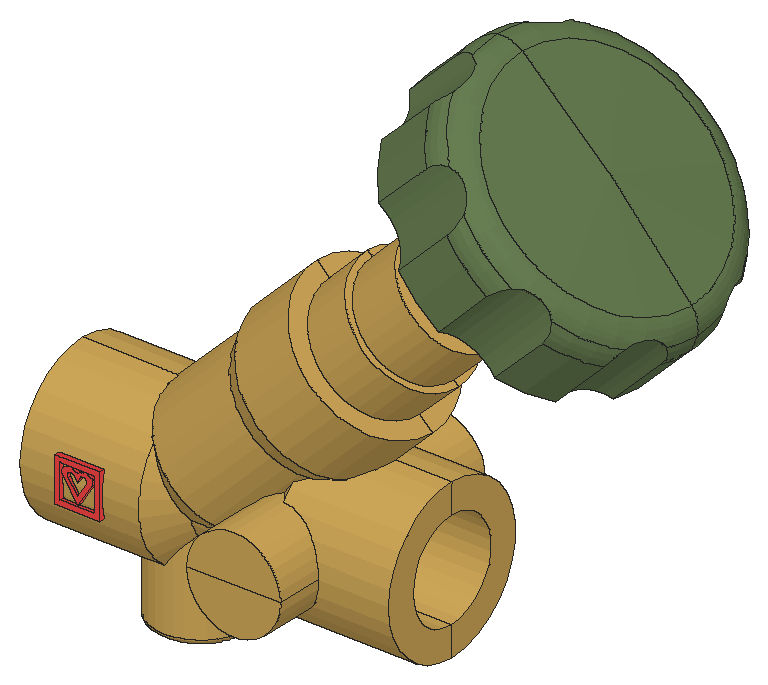
Revit family "Rückflussverhinderer 4126", category Rohrzubehör, Revit 2020
Family settings
  Bemaßung runder Anschluss = Durchmesser verwenden
  Teiletyp = Unterbricht
  OmniClass-Nummer = 23.65.55.14
  OmniClass-Titel = Valves for Liquid Services
  Arbeitsebenenbasiert = Nein
  Immer vertikal = Ja
  Beim Laden mit Abzugskörper schneiden = Nein
  Gemeinsam genutzt = Nein
Parameters
  Öffnungsdruck des Rückflussverhinderer = "gemäß DIN EN 13959"  # constant formula
  W01 = 45.00°  # constant formula
  Vorgabe-Ansicht = 0.000 mm
  URL = "www.herz-armaturen.at"
  Spindel = "geschmiedetes Messing CW617N"  # constant formula
  SW01 = 60.00°  # constant formula
  SC_NennweiteBerechnet = 0
  SC_Dimension = ""
  SCTWSEQ = "FW;SBT_TYP_FW=\"109\";2"
  SCTWCODE = "04;00;02"  # constant formula
  S03 = 60.000 mm  # constant formula
  S02 [instance] = L06 + L09 + L12 + L15  # 95.900 mm
  S01 [instance] = R01 * 2  # 32.000 mm
  R12 [instance] = R01 - 1.000 mm  # 15.000 mm
  R11 [instance] = size_lookup("4126_", "R11", 46.500 mm, Nennweite)  # 5.400 mm
  R100 = 1.000 mm  # constant formula
  R10 [instance] = size_lookup("4126_", "R10", 46.500 mm, Nennweite)  # 8.500 mm
  R09 [instance] = size_lookup("4126_", "R9", 46.500 mm, Nennweite)  # 11.750 mm
  R08 [instance] = size_lookup("4126_", "R8", 46.500 mm, Nennweite)  # 13.000 mm
  R07 [instance] = size_lookup("4126_", "R7", 46.500 mm, Nennweite)  # 16.500 mm
  R06 [instance] = size_lookup("4126_", "R6", 43.000 mm, Nennweite)  # 14.600 mm
  R05 [instance] = Nennweite / 2  # 10.000 mm
  R04 [instance] = size_lookup("4126_", "R4", 11.500 mm, Nennweite)  # 9.500 mm
  R03 = 9.500 mm  # constant formula
  R02 [instance] = Nennweite / 2  # 10.000 mm
  R01 [instance] = size_lookup("4126_", "R1", 11.500 mm, Nennweite)  # 16.000 mm
  Nennweite [instance] = 20.000 mm
  Medium = "Trinkwasser"  # constant formula
  Max. Differenzdruck auf geschlossenen Sitz = 1000000.0 Pa  # constant formula
  Max. Betriebstemperatur = 80 °C  # constant formula
  Max. Betriebsdruck = 1600000.0 Pa  # constant formula
  L16 [instance] = L01 / 2  # 12.000 mm
  L15 [instance] = size_lookup("4126_", "L15", 12.400 mm, Nennweite)  # 12.400 mm
  L14 [instance] = size_lookup("4126_", "L14", 81.000 mm, Nennweite)  # 8.000 mm
  L12 [instance] = size_lookup("4126_", "L12", 81.000 mm, Nennweite)  # 33.500 mm
  L11 [instance] = size_lookup("4126_", "L11", 60.000 mm, Nennweite)  # 12.500 mm
  L10 [instance] = size_lookup("4126_", "L10", 20.000 mm, Nennweite)  # 11.000 mm
  L09 [instance] = size_lookup("4126_", "L9", 11.000 mm, Nennweite)  # 15.500 mm
  L08 [instance] = size_lookup("4126_", "L8", 35.000 mm, Nennweite)  # 30.100 mm
  L07 [instance] = size_lookup("4126_", "L7", 35.000 mm, Nennweite)  # 13.500 mm
  L06 [instance] = size_lookup("4126_", "L6", 118.000 mm, Nennweite) - L09  # 34.500 mm
  L05 [instance] = size_lookup("4126_", "L5", 44.000 mm, Nennweite)  # 26.500 mm
  L04 [instance] = size_lookup("4126_", "L4", 45.000 mm, Nennweite)  # 25.500 mm
  L03 = 15.000 mm  # constant formula
  L02 [instance] = size_lookup("4126_", "L2", 22.000 mm, Nennweite)  # 8.000 mm
  L01 [instance] = size_lookup("4126_", "L1", 48.000 mm, Nennweite)  # 24.000 mm
  L00 [instance] = size_lookup("4126_", "L", 180.000 mm, Nennweite)  # 75.000 mm
  Kegel = "geschmiedetes Messing CW617N"  # constant formula
  Hinweis = "Gemäß Art 33 der REACH-Verordnung (EG Nr. 1907/2006) sind wir verpflichtet, darauf hinzuweisen, dass der Stoff Blei auf der SVHC-Liste geführt wird und dass alle aus Messing bestehenden Bauteile, die in unseren Erzeugnissen verarbeitet sind, mehr als 0,1 % (w/w) Blei (CAS: 7439-92-1 / EINECS: 231-100-4) enthalten.\r\nDa Blei als Legierungsbestandteil fest gebunden ist, sind keine Expositionen zu erwarten und daher sind keine zusätzlichen Angaben zur sicheren Verwendung notwendig."
  Hersteller = "HERZ Armaturen Ges.m.b.H."  # constant formula
  Handrad = "Kunststoff, grün"  # constant formula
  H01 [instance] = size_lookup("4126_", "H1", 53.000 mm, Nennweite)  # 26.400 mm
  Gelegentliche Temperaturanstiege = "bis 95°C, nicht länger als eine Stunde"  # constant formula
  Gehäuse = "entzinkungsbeständiges Gussmessing CC770S"  # constant formula
  DN50 [instance] = Nennweite = 50.000 mm  # no
  DN40 [instance] = Nennweite = 40.000 mm  # no
  DN32 [instance] = Nennweite = 32.000 mm  # no
  DN25-DN50 [instance] = or(Nennweite = 25.000 mm, Nennweite = 32.000 mm, Nennweite = 40.000 mm, Nennweite = 50.000 mm)  # no
  DN25 [instance] = Nennweite = 25.000 mm  # no
  DN20 [instance] = Nennweite = 20.000 mm  # yes
  DN15 [instance] = Nennweite = 15.000 mm  # no
  Bestellnummer [instance] = size_lookup("4126_", "Artnr", 0, Nennweite)  # 2412602
  Anwendungsgebiet = "Zum Absperren von Trinkwasserleitungen, sowie Zirkulationssystemen in Gebäuden."
Reference planes
  plane 1 "Mitte (Vorne/hinten)": y = 0
  plane 2: z = 0
  plane 3 "Mitte (Links/rechts)": x = 0
Forms (mm)
  Revolve 1, solid, material "Messing, weicher Gelbton, geschweißt", detail levels fine
    sketch origin (470, 0, 0) x (1, 0, 0) y (0, 0, 1)
      loop
        line (-507.5, 10) -> (-492.5, 10) -> (-492.5, 0) -> (-447.5, 0) -> (-447.5, 10) -> (-432.5, 10) -> (-432.5, 16) -> (-456.5, 16) -> (-462, 10) -> (-478, 10) -> (-483.5, 16) -> (-507.5, 16) -> (-507.5, 10)
      axis (-507.5, 0) -> (-432.5, 0)
    angle from 0 to 360
  Revolve 2, solid, material "Messing, weicher Gelbton, geschweißt", detail levels fine
    sketch origin (470, 0, 0) x (1, 0, 0) y (0, 0, 1)
      loop
        line (-493, 0) -> (-493, -25.4)
        arc (-493, -25.4) -> (-492.707, -26.107) -> (-492, -26.4) r 1
        line (-492, -26.4) -> (-483.5, -26.4) -> (-483.5, 0) -> (-493, 0)
      axis (-483.5, 0) -> (-483.5, -26.4)
    angle from 0 to 360
  Revolve 3, solid, material "Messing, weicher Gelbton, geschweißt", detail levels fine
    sketch origin (0, 0, 0) x (1, 0, 0) y (0, 1, 0)
      loop
        line (13.5, -25.5) -> (23, -25.5) -> (23, 26.5) -> (13.5, 26.5) -> (13.5, -25.5)
      axis (13.5, -25.5) -> (13.5, 26.5)
    angle from 0 to 360
  Revolve 4, solid, material "Messing, weicher Gelbton, geschweißt", visible <- "DN25-DN50", detail levels fine
    sketch origin (-470, 0, 0) x (-1, 0, 0) y (0, 0, 1)
      loop
        line (-493, 0) -> (-493, -25.4)
        arc (-493, -25.4) -> (-492.707, -26.107) -> (-492, -26.4) r 1
        line (-492, -26.4) -> (-483.5, -26.4) -> (-483.5, 0) -> (-493, 0)
      axis (-483.5, 0) -> (-483.5, -26.4)
    angle from 0 to 360
  Revolve 5, solid, material "Messing, weicher Gelbton, geschweißt", detail levels fine
    sketch origin (0.32, 0, -0.105) x (1, 0, 0) y (0, 0, 1)
      loop
        line (-13.82, 0) -> (53.991, 67.812) -> (50.173, 71.63) -> (41.405, 62.862) -> (39.213, 65.054) -> (32.142, 57.983) -> (29.844, 60.281) -> (21.005, 51.442) -> (20.121, 52.326) -> (12.343, 44.548) -> (9.868, 47.023) -> (-1.092, 36.062) -> (-2.86, 31.608) -> (-18.487, 15.981) -> (-20.891, 7.071) -> (-13.82, 0)
      axis (-13.82, 0) -> (53.991, 67.812)
    angle from 0 to 360
Lines and regions (mm)
  model lines, detail levels coarse+medium
    curve 1: line (-37.5, 0, 16) -> (-37.5, 0, -16)
    curve 2: line (-37.5, 0, -16) -> (37.5, 0, 16)
    curve 3: line (37.5, 0, 16) -> (37.5, 0, -16)
    curve 4: line (37.5, 0, -16) -> (-37.5, 0, 16)
    curve 5: line (0, 0, 0) -> (47.95, 0, 83.052)
    curve 6: line (21.969, 0, 98.052) -> (73.931, 0, 68.052)
    curve 7: line (-37.5, -16, 0) -> (-37.5, 16, 0)
    curve 8: line (-37.5, 16, 0) -> (37.5, -16, 0)
    curve 9: line (37.5, -16, 0) -> (37.5, 16, 0)
    curve 10: line (37.5, 16, 0) -> (-37.5, -16, 0)
    curve 11: line (0, 0, 0) -> (47.95, 83.052, 0)
    curve 12: line (21.969, 98.052, 0) -> (73.931, 68.052, 0)
Dimensions and locks
  "H01": plane 2 to Revolve 2 sketch curve
  "L00": Revolve 1 sketch curve to Revolve 1 sketch curve
  equal spacing: Revolve 1 sketch curve, plane 3 "Mitte (Links/rechts)", Revolve 1 sketch curve
  "R01": Revolve 1 sketch curve to Revolve 1 sketch curve  (x2)
  "R02": Revolve 1 sketch curve to Revolve 1 sketch curve  (x3)
  "L01": Revolve 1 sketch curve to Revolve 1 sketch curve  (x2)
  "L02": plane 3 "Mitte (Links/rechts)" to Revolve 1 sketch curve
  "L02": Revolve 1 sketch curve to plane 3 "Mitte (Links/rechts)"
  "L03": Revolve 1 sketch curve to Revolve 1 sketch curve  (x2)
  "L01": Revolve 1 to Revolve 2 sketch curve
  "R03": Revolve 2 sketch curve to Revolve 2 sketch curve
  "L01": Revolve 4 sketch curve to Revolve 1
  "R03": Revolve 4 sketch curve to Revolve 4 sketch curve
  "H01": plane 2 to Revolve 4 sketch curve
  "L04": Revolve 3 sketch curve to plane 1 "Mitte (Vorne/hinten)"
  "L05": plane 1 "Mitte (Vorne/hinten)" to Revolve 3 sketch curve
  "R04": Revolve 3 sketch curve to Revolve 3 sketch curve
  "L01": Revolve 3 sketch curve to Revolve 1
  "R07": Revolve 5 sketch curve to Revolve 5 sketch curve
  "L07": plane 3 "Mitte (Links/rechts)" to Revolve 5 sketch curve
  "R05": Revolve 5 sketch curve to Revolve 5 sketch curve
  "L06": Revolve 5 sketch curve to Revolve 5 sketch curve
  "L08": Revolve 5 sketch curve to Revolve 5 sketch curve
  "R06": Revolve 5 sketch curve to Revolve 5 sketch curve
  "L14": Revolve 5 sketch curve to Revolve 5 sketch curve
  "L09": Revolve 5 sketch curve to Revolve 5 sketch curve
  "R08": Revolve 5 sketch curve to Revolve 5 sketch curve
  "L10": Revolve 5 sketch curve to Revolve 5 sketch curve
  "R09": Revolve 5 sketch curve to Revolve 5 sketch curve
  "R10": Revolve 5 sketch curve to Revolve 5 sketch curve
  "L12": Revolve 5 sketch curve to Revolve 5 sketch curve
  "R11": Revolve 5 sketch curve to Revolve 5 sketch curve
  "L15": Revolve 5 sketch curve to Revolve 5 sketch curve
  "L11": Revolve 5 sketch curve to Revolve 5 sketch curve
  "R12": nested 7 to plane 1 "Mitte (Vorne/hinten)"
  "L16": Revolve 1 to nested 7
  "L00": curve 1 to curve 3
  "S01": curve 4 to curve 2
  "S01": curve 3 to curve 4
  equal spacing: curve 4, plane 2, curve 2
  equal spacing: curve 3, plane 2, curve 4
  "S02": curve 5 to curve 5
  equal spacing: curve 6, curve 5, curve 6
  "S03": curve 6 to curve 6
  "L00": curve 7 to curve 9
  "S01": curve 10 to curve 8
  curve 9 to curve 10 = 32.000 mm
  equal spacing: curve 12, curve 11, curve 12
  "S03": curve 12 to curve 12
  "S02": curve 11 to curve 11
  equal spacing: curve 10, plane 1 "Mitte (Vorne/hinten)", curve 8
  equal spacing: curve 9, plane 1 "Mitte (Vorne/hinten)", curve 10
  equal spacing: curve 7, plane 3 "Mitte (Links/rechts)", curve 9
  equal spacing: Revolve 1, curve 5, Revolve 1
  equal spacing: curve 7, curve 11, Revolve 1
  equal spacing: curve 1, plane 3 "Mitte (Links/rechts)", curve 3
  "R100": radius of Revolve 2 sketch curve
  "R100": radius of Revolve 4 sketch curve
  "W01": angle plane 2 to Revolve 5 sketch curve
  "W01": angle level to Revolve 5 sketch curve
  "SW01": angle plane 2 to curve 5
  "SW01": angle plane 1 "Mitte (Vorne/hinten)" to curve 11
  aligned and locked: level to plane 2
Automatic sketch dimensions
  curve 5 to level = 0.000 mm
  plane 1 "Mitte (Vorne/hinten)" to curve 11 = 0.000 mm
  Revolve 1 sketch curve to level = 0.000 mm  (x2)
  Revolve 1 sketch curve to Revolve 1 sketch curve = 791.990 mm
  Revolve 1 sketch curve to Revolve 1 sketch curve = 2278.983 mm
  Revolve 2 sketch curve to level = 0.000 mm  (x2)
  Revolve 2 sketch curve to Revolve 2 sketch curve = 0.000 mm
  Revolve 2 sketch curve to Revolve 2 sketch curve = 0.292 mm
  Revolve 3 sketch curve to Revolve 3 sketch curve = 0.000 mm  (x3)
  Revolve 4 sketch curve to level = 0.000 mm  (x2)
  Revolve 4 sketch curve to Revolve 4 sketch curve = 0.000 mm
  Revolve 4 sketch curve to Revolve 4 sketch curve = 0.292 mm
  Revolve 5 sketch curve to level = 0.105 mm
  Revolve 5 sketch curve to Revolve 5 sketch curve = 0.000 mm  (x2)
Nested families
  nested 1: "Strömax-Handrad_Schrägsitz (Grün)" at (42.584, 0, 54.979), visible <- "DN15", type "Strömax-Handrad_Schrägsitz (Grün)", detail levels fine
    with Nennweite 0.000 mm, Gewicht 0.00 kg, Bestellnummer 0
  nested 2: "Strömax-Handrad_Schrägsitz (Grün)" at (54.312, 0, 67.707), visible <- "DN20", type "Strömax-Handrad_Schrägsitz (Grün)", detail levels fine
    with Nennweite 0.000 mm, Gewicht 0.00 kg, Bestellnummer 0
  nested 3: "Strömax-Handrad_Schrägsitz (Grün)" at (62.469, 0, 80.364), visible <- "DN25", type "Strömax-Handrad_Schrägsitz (Grün)", detail levels fine
    with Nennweite 0.000 mm, Gewicht 0.00 kg, Bestellnummer 0
  nested 4: "Strömax-Handrad_Schrägsitz (Grün)" at (71.712, 0, 91.607), visible <- "DN32", type "Strömax-Handrad_Schrägsitz (Grün)", detail levels fine
    with Nennweite 0.000 mm, Gewicht 0.00 kg, Bestellnummer 0
  nested 5: "Strömax-Handrad_Schrägsitz (Grün)" at (80.399, 0, 101.294), visible <- "DN40", type "Strömax-Handrad_Schrägsitz (Grün)", detail levels fine
    with Nennweite 0.000 mm, Gewicht 0.00 kg, Bestellnummer 0
  nested 6: "Strömax-Handrad_Schrägsitz (Grün)" at (97.83, 0, 129.225), visible <- "DN50", type "Strömax-Handrad_Schrägsitz (Grün)", detail levels fine
    with Nennweite 0.000 mm, Gewicht 0.00 kg, Bestellnummer 0
  nested 7: "Herz-Logo-vorne" at (-25.5, -15.732, 0) x (0, 1, 0) z (0, 0, 1), type "Herz-Logo-vorne", detail levels fine
Connectors
  piping at (-22.5, 0, 0), diameter 20, driven by "Nennweite"
    settings: on Revolve 1, index 1, connector inside diameter 609.6 mm, connector length 0.000 mm, flow factor 0, pipe flow 0.0 L/s, pressure drop 0.0 Pa, fitting loss kfactor 0, connector angle 0.00°, fixture units 0, engagement length 0.000 mm, angle of deflection 0.00°, flow configuration 0, flow direction 1, fitting loss method 0, system type 29, joint type 0, gender type 0, connector reference index -1, connector utility 0, adjustable connector no, is connector primary yes, connector description ""
  piping at (22.5, 0, 0), diameter 20, driven by "Nennweite"
    settings: on Revolve 1, index 2, connector inside diameter 609.6 mm, connector length 0.000 mm, flow factor 0, pipe flow 0.0 L/s, pressure drop 0.0 Pa, fitting loss kfactor 0, connector angle 0.00°, fixture units 0, engagement length 0.000 mm, angle of deflection 0.00°, flow configuration 0, flow direction 2, fitting loss method 0, system type 29, joint type 0, gender type 0, connector reference index -1, connector utility 0, adjustable connector no, is connector primary no, connector description ""
Definition of nested family "Strömax-Handrad_Schrägsitz (Grün)"
  Parameters (values of type "Strömax-Handrad_Schrägsitz (Grün)")
    Default Elevation = 0.000 mm
    URL = "www.herz-armaturen.at"
    Nennweite [instance] = 0.000 mm
    Manufacturer = "Herz Armaturen GmbH"  # constant formula
    Gewicht [instance] = 0.00 kg
    Bestellnummer [instance] = 0
  Reference planes
    plane 1 "Mitte (Vorne/hinten)": y = 0
    plane 2: z = 0
    plane 3 "Mitte (Links/rechts)": x = 0
  Forms (mm)
    Revolve 1, solid
      sketch origin (0, 0, 0) x (0.707107, 0, -0.707107) y (0.707107, 0, 0.707107)
        loop
          line (0, 0) -> (0, 22)
          arc (0, 22) -> (-12.15, 21.705) -> (-24.271, 20.819) r 250
          arc (-24.271, 20.819) -> (-26.831, 19.959) -> (-28.754, 18.063) r 6
          arc (-28.754, 18.063) -> (-29.682, 16.008) -> (-30, 13.776) r 8
          line (-30, 13.776) -> (-30, 0) -> (0, 0)
        axis (0, 22) -> (0, 0)
      angle from 0 to 360
    Extrusion 2, void
      sketch origin (0, 0, 0) x (0.707107, 0, -0.707107) y (0, 1, 0)
        loop
          circle (14.351, -34.645) r 10
      from 0 to 22
    Extrusion 3, void
      sketch origin (0, 0, 0) x (-0.707107, 0, 0.707107) y (0, -1, 0)
        loop
          circle (14.351, 34.645) r 10
      from 0 to 22
    Extrusion 4, void
      sketch origin (0, 0, 0) x (0, -1, 0) y (0.707107, 0, -0.707107)
        loop
          circle (14.351, 34.645) r 10
      from 0 to 22
    Extrusion 5, void
      sketch origin (0, 0, 0) x (0, 1, 0) y (-0.707107, 0, 0.707107)
        loop
          circle (14.351, -34.645) r 10
      from 0 to 22
    Extrusion 6, void
      sketch origin (0, 0, 0) x (0, -1, 0) y (0.707107, 0, -0.707107)
        loop
          circle (14.351, -34.645) r 10
      from 0 to 22
    Extrusion 7, void
      sketch origin (0, 0, 0) x (0, 1, 0) y (-0.707107, 0, 0.707107)
        loop
          circle (14.351, 34.645) r 10
      from 0 to 22
    Extrusion 8, void
      sketch origin (0, 0, 0) x (0.707107, 0, -0.707107) y (0, 1, 0)
        loop
          circle (14.351, 34.645) r 10
      from 0 to 22
    Extrusion 9, void
      sketch origin (0, 0, 0) x (-0.707107, 0, 0.707107) y (0, -1, 0)
        loop
          circle (14.351, -34.645) r 10
      from 0 to 22
  Cuts and joins
    Extrusion 2, Extrusion 3, Extrusion 4, Extrusion 5, Extrusion 6, Extrusion 7, Extrusion 8, Extrusion 9 cuts Revolve 1
  Dimensions and locks
    aligned and locked: level to plane 2
Definition of nested family "Herz-Logo-vorne"
  Parameters (values of type "Herz-Logo-vorne")
    Default Elevation = 0.000 mm
  Reference planes
    plane 1 "Mitte (Vorne/hinten)": y = 0
    plane 2: z = 0
    plane 3 "Mitte (Links/rechts)": x = 0
  Forms (mm)
    Extrusion 1, solid
      sketch origin (0.732, -0.018, 0.017) x (0, -1, 0) y (0, 0, 1)
        loop
          line (-0.018, -4.517) -> (4.482, -4.517) -> (4.482, 4.483) -> (-4.518, 4.483) -> (-4.518, -4.517) -> (-0.018, -4.517)
        loop
          line (-0.05, -3.48) -> (3.482, -3.48) -> (3.482, 3.483) -> (-3.518, 3.483) -> (-3.518, -3.48) -> (-0.05, -3.48)
        loop
          arc (-0.018, 2.383) -> (-1.543, 3.287) -> (-3.067, 2.383) r 1.738
          arc (-3.067, 2.383) -> (-3.191, 1.899) -> (-3.067, 1.415) r 1.009
          line (-3.067, 1.415) -> (-0.018, -3.281) -> (3.032, 1.415)
          arc (3.032, 1.415) -> (3.156, 1.899) -> (3.032, 2.383) r 1.009
          arc (3.032, 2.383) -> (1.507, 3.287) -> (-0.018, 2.383) r 1.738
        loop
          arc (1.885, 1.272) -> (2.005, 1.675) -> (1.885, 2.079) r 0.74
          arc (1.885, 2.079) -> (1.265, 2.416) -> (0.644, 2.079) r 0.74
          line (0.644, 2.079) -> (-0.018, 0.97) -> (-0.679, 2.079)
          arc (-0.679, 2.079) -> (-1.3, 2.416) -> (-1.921, 2.079) r 0.74
          arc (-1.921, 2.079) -> (-2.04, 1.675) -> (-1.921, 1.272) r 0.74
          line (-1.921, 1.272) -> (-0.018, -1.658) -> (1.885, 1.272)
      from 0 to 1.5
  Dimensions and locks
    aligned and locked: level to plane 2
